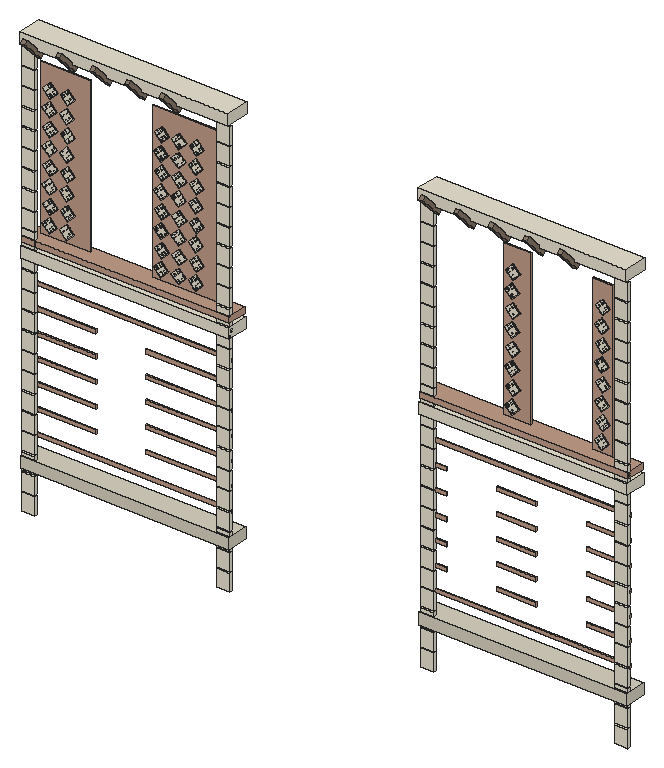
Revit family "AM_Detail_01_Masonry__observed_fronts", category Generic Models, Revit 2025
Family settings
  Can host rebar = No
  Round Connector Dimension = Use Diameter
  Part Type = Normal
  Work Plane-Based = No
  Always vertical = Yes
  Cut with Voids When Loaded = No
  Maintain Annotation Orientation = No
  Shared = No
  Room Calculation Point = No
Parameters (values of type "Original geometry")
  Description = "AM v1.0.0 architectural ornament. Editable native extrusion sketches; fixed photographic geometry. Not a structural wall/window/roof substitute."
  Default Elevation = 0 mm
Reference planes
  plane 1 "Center (Front/Back)": y = 0
  plane 2: z = 0
  plane 3 "Center (Left/Right)": x = 0
Forms (mm)
  Extrusion 1, solid, material "AM Warm limestone - fine pores"
    sketch origin (-7000, -6110, 1025) x (1, 0, 0) y (0, 1, 0)
      loop
        line (0, 0) -> (4800, 0) -> (4800, 500) -> (0, 500) -> (0, 0)
    from 0 to 250
  Extrusion 2, solid, material "AM Ivory carved stone"
    sketch origin (-7000, -6105, 5380) x (1, 0, 0) y (0, 1, 0)
      loop
        line (0, 0) -> (4800, 0) -> (4800, 490) -> (0, 490) -> (0, 0)
    from 0 to 240
  Extrusion 3, solid, material "AM Faded terracotta masonry"
    sketch origin (-7000, -6090, 5705) x (1, 0, 0) y (0, 1, 0)
      loop
        line (0, 0) -> (4800, 0) -> (4800, 460) -> (0, 460) -> (0, 0)
    from 0 to 130
  Extrusion 4, solid, material "AM Ivory carved stone"
    sketch origin (-7000, -6135, 9815) x (1, 0, 0) y (0, 1, 0)
      loop
        line (0, 0) -> (4800, 0) -> (4800, 550) -> (0, 550) -> (0, 0)
    from 0 to 250
  Extrusion 5, solid, material "AM Faded terracotta masonry"
    sketch origin (-7000, -6022, 1757.5) x (1, 0, 0) y (0, 1, 0)
      loop
        line (0, 0) -> (4800, 0) -> (4800, 20) -> (0, 20) -> (0, 0)
    from 0 to 85
  Extrusion 6, solid, material "AM Faded terracotta masonry"
    sketch origin (-7000, -6022, 2277.5) x (1, 0, 0) y (0, 1, 0)
      loop
        line (0, 0) -> (1670, 0) -> (1670, 20) -> (0, 20) -> (0, 0)
    from 0 to 85
  Extrusion 7, solid, material "AM Faded terracotta masonry"
    sketch origin (-4170, -6022, 2277.5) x (1, 0, 0) y (0, 1, 0)
      loop
        line (0, 0) -> (1970, 0) -> (1970, 20) -> (0, 20) -> (0, 0)
    from 0 to 85
  Extrusion 8, solid, material "AM Faded terracotta masonry"
    sketch origin (-7000, -6022, 2797.5) x (1, 0, 0) y (0, 1, 0)
      loop
        line (0, 0) -> (1670, 0) -> (1670, 20) -> (0, 20) -> (0, 0)
    from 0 to 85
  Extrusion 9, solid, material "AM Faded terracotta masonry"
    sketch origin (-4170, -6022, 2797.5) x (1, 0, 0) y (0, 1, 0)
      loop
        line (0, 0) -> (1970, 0) -> (1970, 20) -> (0, 20) -> (0, 0)
    from 0 to 85
  Extrusion 10, solid, material "AM Faded terracotta masonry"
    sketch origin (-7000, -6022, 3317.5) x (1, 0, 0) y (0, 1, 0)
      loop
        line (0, 0) -> (1670, 0) -> (1670, 20) -> (0, 20) -> (0, 0)
    from 0 to 85
  Extrusion 11, solid, material "AM Faded terracotta masonry"
    sketch origin (-4170, -6022, 3317.5) x (1, 0, 0) y (0, 1, 0)
      loop
        line (0, 0) -> (1970, 0) -> (1970, 20) -> (0, 20) -> (0, 0)
    from 0 to 85
  Extrusion 12, solid, material "AM Faded terracotta masonry"
    sketch origin (-7000, -6022, 3837.5) x (1, 0, 0) y (0, 1, 0)
      loop
        line (0, 0) -> (1670, 0) -> (1670, 20) -> (0, 20) -> (0, 0)
    from 0 to 85
  Extrusion 13, solid, material "AM Faded terracotta masonry"
    sketch origin (-4170, -6022, 3837.5) x (1, 0, 0) y (0, 1, 0)
      loop
        line (0, 0) -> (1970, 0) -> (1970, 20) -> (0, 20) -> (0, 0)
    from 0 to 85
  Extrusion 14, solid, material "AM Faded terracotta masonry"
    sketch origin (-7000, -6022, 4357.5) x (1, 0, 0) y (0, 1, 0)
      loop
        line (0, 0) -> (1670, 0) -> (1670, 20) -> (0, 20) -> (0, 0)
    from 0 to 85
  Extrusion 15, solid, material "AM Faded terracotta masonry"
    sketch origin (-4170, -6022, 4357.5) x (1, 0, 0) y (0, 1, 0)
      loop
        line (0, 0) -> (1970, 0) -> (1970, 20) -> (0, 20) -> (0, 0)
    from 0 to 85
  Extrusion 16, solid, material "AM Faded terracotta masonry"
    sketch origin (-7000, -6022, 4877.5) x (1, 0, 0) y (0, 1, 0)
      loop
        line (0, 0) -> (4800, 0) -> (4800, 20) -> (0, 20) -> (0, 0)
    from 0 to 85
  Extrusion 17, solid, material "AM Ivory carved stone"
    sketch origin (-7000, -6065, 125) x (1, 0, 0) y (0, 1, 0)
      loop
        line (0, 0) -> (300, 0) -> (300, 60) -> (0, 60) -> (0, 0)
    from 0 to 390
  Extrusion 18, solid, material "AM Ivory carved stone"
    sketch origin (-7000, -6065, 545) x (1, 0, 0) y (0, 1, 0)
      loop
        line (0, 0) -> (300, 0) -> (300, 60) -> (0, 60) -> (0, 0)
    from 0 to 390
  Extrusion 19, solid, material "AM Ivory carved stone"
    sketch origin (-7000, -6065, 965) x (1, 0, 0) y (0, 1, 0)
      loop
        line (0, 0) -> (300, 0) -> (300, 60) -> (0, 60) -> (0, 0)
    from 0 to 390
  Extrusion 20, solid, material "AM Ivory carved stone"
    sketch origin (-7000, -6065, 1385) x (1, 0, 0) y (0, 1, 0)
      loop
        line (0, 0) -> (300, 0) -> (300, 60) -> (0, 60) -> (0, 0)
    from 0 to 390
  Extrusion 21, solid, material "AM Ivory carved stone"
    sketch origin (-7000, -6065, 1805) x (1, 0, 0) y (0, 1, 0)
      loop
        line (0, 0) -> (300, 0) -> (300, 60) -> (0, 60) -> (0, 0)
    from 0 to 390
  Extrusion 22, solid, material "AM Ivory carved stone"
    sketch origin (-7000, -6065, 2225) x (1, 0, 0) y (0, 1, 0)
      loop
        line (0, 0) -> (300, 0) -> (300, 60) -> (0, 60) -> (0, 0)
    from 0 to 390
  Extrusion 23, solid, material "AM Ivory carved stone"
    sketch origin (-7000, -6065, 2645) x (1, 0, 0) y (0, 1, 0)
      loop
        line (0, 0) -> (300, 0) -> (300, 60) -> (0, 60) -> (0, 0)
    from 0 to 390
  Extrusion 24, solid, material "AM Ivory carved stone"
    sketch origin (-7000, -6065, 3065) x (1, 0, 0) y (0, 1, 0)
      loop
        line (0, 0) -> (300, 0) -> (300, 60) -> (0, 60) -> (0, 0)
    from 0 to 390
  Extrusion 25, solid, material "AM Ivory carved stone"
    sketch origin (-7000, -6065, 3485) x (1, 0, 0) y (0, 1, 0)
      loop
        line (0, 0) -> (300, 0) -> (300, 60) -> (0, 60) -> (0, 0)
    from 0 to 390
  Extrusion 26, solid, material "AM Ivory carved stone"
    sketch origin (-7000, -6065, 3905) x (1, 0, 0) y (0, 1, 0)
      loop
        line (0, 0) -> (300, 0) -> (300, 60) -> (0, 60) -> (0, 0)
    from 0 to 390
  Extrusion 27, solid, material "AM Ivory carved stone"
    sketch origin (-7000, -6065, 4325) x (1, 0, 0) y (0, 1, 0)
      loop
        line (0, 0) -> (300, 0) -> (300, 60) -> (0, 60) -> (0, 0)
    from 0 to 390
  Extrusion 28, solid, material "AM Ivory carved stone"
    sketch origin (-7000, -6065, 4745) x (1, 0, 0) y (0, 1, 0)
      loop
        line (0, 0) -> (300, 0) -> (300, 60) -> (0, 60) -> (0, 0)
    from 0 to 390
  Extrusion 29, solid, material "AM Ivory carved stone"
    sketch origin (-7000, -6065, 5165) x (1, 0, 0) y (0, 1, 0)
      loop
        line (0, 0) -> (300, 0) -> (300, 60) -> (0, 60) -> (0, 0)
    from 0 to 390
  Extrusion 30, solid, material "AM Ivory carved stone"
    sketch origin (-7000, -6065, 5585) x (1, 0, 0) y (0, 1, 0)
      loop
        line (0, 0) -> (300, 0) -> (300, 60) -> (0, 60) -> (0, 0)
    from 0 to 390
  Extrusion 31, solid, material "AM Ivory carved stone"
    sketch origin (-7000, -6065, 6005) x (1, 0, 0) y (0, 1, 0)
      loop
        line (0, 0) -> (300, 0) -> (300, 60) -> (0, 60) -> (0, 0)
    from 0 to 390
  Extrusion 32, solid, material "AM Ivory carved stone"
    sketch origin (-7000, -6065, 6425) x (1, 0, 0) y (0, 1, 0)
      loop
        line (0, 0) -> (300, 0) -> (300, 60) -> (0, 60) -> (0, 0)
    from 0 to 390
  Extrusion 33, solid, material "AM Ivory carved stone"
    sketch origin (-7000, -6065, 6845) x (1, 0, 0) y (0, 1, 0)
      loop
        line (0, 0) -> (300, 0) -> (300, 60) -> (0, 60) -> (0, 0)
    from 0 to 390
  Extrusion 34, solid, material "AM Ivory carved stone"
    sketch origin (-7000, -6065, 7265) x (1, 0, 0) y (0, 1, 0)
      loop
        line (0, 0) -> (300, 0) -> (300, 60) -> (0, 60) -> (0, 0)
    from 0 to 390
  Extrusion 35, solid, material "AM Ivory carved stone"
    sketch origin (-7000, -6065, 7685) x (1, 0, 0) y (0, 1, 0)
      loop
        line (0, 0) -> (300, 0) -> (300, 60) -> (0, 60) -> (0, 0)
    from 0 to 390
  Extrusion 36, solid, material "AM Ivory carved stone"
    sketch origin (-7000, -6065, 8105) x (1, 0, 0) y (0, 1, 0)
      loop
        line (0, 0) -> (300, 0) -> (300, 60) -> (0, 60) -> (0, 0)
    from 0 to 389.999
  Extrusion 37, solid, material "AM Ivory carved stone"
    sketch origin (-7000, -6065, 8525.001) x (1, 0, 0) y (0, 1, 0)
      loop
        line (0, 0) -> (300, 0) -> (300, 60) -> (0, 60) -> (0, 0)
    from 0 to 389.999
  Extrusion 38, solid, material "AM Ivory carved stone"
    sketch origin (-7000, -6065, 8945.001) x (1, 0, 0) y (0, 1, 0)
      loop
        line (0, 0) -> (300, 0) -> (300, 60) -> (0, 60) -> (0, 0)
    from 0 to 389.999
  Extrusion 39, solid, material "AM Ivory carved stone"
    sketch origin (-7000, -6065, 9365.001) x (1, 0, 0) y (0, 1, 0)
      loop
        line (0, 0) -> (300, 0) -> (300, 60) -> (0, 60) -> (0, 0)
    from 0 to 389.999
  Extrusion 40, solid, material "AM Ivory carved stone"
    sketch origin (-2500, -6065, 125) x (1, 0, 0) y (0, 1, 0)
      loop
        line (0, 0) -> (300, 0) -> (300, 60) -> (0, 60) -> (0, 0)
    from 0 to 390
  Extrusion 41, solid, material "AM Ivory carved stone"
    sketch origin (-2500, -6065, 545) x (1, 0, 0) y (0, 1, 0)
      loop
        line (0, 0) -> (300, 0) -> (300, 60) -> (0, 60) -> (0, 0)
    from 0 to 390
  Extrusion 42, solid, material "AM Ivory carved stone"
    sketch origin (-2500, -6065, 965) x (1, 0, 0) y (0, 1, 0)
      loop
        line (0, 0) -> (300, 0) -> (300, 60) -> (0, 60) -> (0, 0)
    from 0 to 390
  Extrusion 43, solid, material "AM Ivory carved stone"
    sketch origin (-2500, -6065, 1385) x (1, 0, 0) y (0, 1, 0)
      loop
        line (0, 0) -> (300, 0) -> (300, 60) -> (0, 60) -> (0, 0)
    from 0 to 390
  Extrusion 44, solid, material "AM Ivory carved stone"
    sketch origin (-2500, -6065, 1805) x (1, 0, 0) y (0, 1, 0)
      loop
        line (0, 0) -> (300, 0) -> (300, 60) -> (0, 60) -> (0, 0)
    from 0 to 390
  Extrusion 45, solid, material "AM Ivory carved stone"
    sketch origin (-2500, -6065, 2225) x (1, 0, 0) y (0, 1, 0)
      loop
        line (0, 0) -> (300, 0) -> (300, 60) -> (0, 60) -> (0, 0)
    from 0 to 390
  Extrusion 46, solid, material "AM Ivory carved stone"
    sketch origin (-2500, -6065, 2645) x (1, 0, 0) y (0, 1, 0)
      loop
        line (0, 0) -> (300, 0) -> (300, 60) -> (0, 60) -> (0, 0)
    from 0 to 390
  Extrusion 47, solid, material "AM Ivory carved stone"
    sketch origin (-2500, -6065, 3065) x (1, 0, 0) y (0, 1, 0)
      loop
        line (0, 0) -> (300, 0) -> (300, 60) -> (0, 60) -> (0, 0)
    from 0 to 390
  Extrusion 48, solid, material "AM Ivory carved stone"
    sketch origin (-2500, -6065, 3485) x (1, 0, 0) y (0, 1, 0)
      loop
        line (0, 0) -> (300, 0) -> (300, 60) -> (0, 60) -> (0, 0)
    from 0 to 390
  Extrusion 49, solid, material "AM Ivory carved stone"
    sketch origin (-2500, -6065, 3905) x (1, 0, 0) y (0, 1, 0)
      loop
        line (0, 0) -> (300, 0) -> (300, 60) -> (0, 60) -> (0, 0)
    from 0 to 390
  Extrusion 50, solid, material "AM Ivory carved stone"
    sketch origin (-2500, -6065, 4325) x (1, 0, 0) y (0, 1, 0)
      loop
        line (0, 0) -> (300, 0) -> (300, 60) -> (0, 60) -> (0, 0)
    from 0 to 390
  Extrusion 51, solid, material "AM Ivory carved stone"
    sketch origin (-2500, -6065, 4745) x (1, 0, 0) y (0, 1, 0)
      loop
        line (0, 0) -> (300, 0) -> (300, 60) -> (0, 60) -> (0, 0)
    from 0 to 390
  Extrusion 52, solid, material "AM Ivory carved stone"
    sketch origin (-2500, -6065, 5165) x (1, 0, 0) y (0, 1, 0)
      loop
        line (0, 0) -> (300, 0) -> (300, 60) -> (0, 60) -> (0, 0)
    from 0 to 390
  Extrusion 53, solid, material "AM Ivory carved stone"
    sketch origin (-2500, -6065, 5585) x (1, 0, 0) y (0, 1, 0)
      loop
        line (0, 0) -> (300, 0) -> (300, 60) -> (0, 60) -> (0, 0)
    from 0 to 390
  Extrusion 54, solid, material "AM Ivory carved stone"
    sketch origin (-2500, -6065, 6005) x (1, 0, 0) y (0, 1, 0)
      loop
        line (0, 0) -> (300, 0) -> (300, 60) -> (0, 60) -> (0, 0)
    from 0 to 390
  Extrusion 55, solid, material "AM Ivory carved stone"
    sketch origin (-2500, -6065, 6425) x (1, 0, 0) y (0, 1, 0)
      loop
        line (0, 0) -> (300, 0) -> (300, 60) -> (0, 60) -> (0, 0)
    from 0 to 390
  Extrusion 56, solid, material "AM Ivory carved stone"
    sketch origin (-2500, -6065, 6845) x (1, 0, 0) y (0, 1, 0)
      loop
        line (0, 0) -> (300, 0) -> (300, 60) -> (0, 60) -> (0, 0)
    from 0 to 390
  Extrusion 57, solid, material "AM Ivory carved stone"
    sketch origin (-2500, -6065, 7265) x (1, 0, 0) y (0, 1, 0)
      loop
        line (0, 0) -> (300, 0) -> (300, 60) -> (0, 60) -> (0, 0)
    from 0 to 390
  Extrusion 58, solid, material "AM Ivory carved stone"
    sketch origin (-2500, -6065, 7685) x (1, 0, 0) y (0, 1, 0)
      loop
        line (0, 0) -> (300, 0) -> (300, 60) -> (0, 60) -> (0, 0)
    from 0 to 390
  Extrusion 59, solid, material "AM Ivory carved stone"
    sketch origin (-2500, -6065, 8105) x (1, 0, 0) y (0, 1, 0)
      loop
        line (0, 0) -> (300, 0) -> (300, 60) -> (0, 60) -> (0, 0)
    from 0 to 389.999
  Extrusion 60, solid, material "AM Ivory carved stone"
    sketch origin (-2500, -6065, 8525.001) x (1, 0, 0) y (0, 1, 0)
      loop
        line (0, 0) -> (300, 0) -> (300, 60) -> (0, 60) -> (0, 0)
    from 0 to 389.999
  Extrusion 61, solid, material "AM Ivory carved stone"
    sketch origin (-2500, -6065, 8945.001) x (1, 0, 0) y (0, 1, 0)
      loop
        line (0, 0) -> (300, 0) -> (300, 60) -> (0, 60) -> (0, 0)
    from 0 to 389.999
  Extrusion 62, solid, material "AM Ivory carved stone"
    sketch origin (-2500, -6065, 9365.001) x (1, 0, 0) y (0, 1, 0)
      loop
        line (0, 0) -> (300, 0) -> (300, 60) -> (0, 60) -> (0, 0)
    from 0 to 389.999
  Extrusion 63, solid, material "AM Aged chestnut timber"
    sketch origin (-6697.5, -6034.653, 9607.513) x (1, 0, 0) y (0, 0.729542, 0.683936)
      loop
        line (0, 0) -> (95, 0) -> (95, 95) -> (0, 95) -> (0, 0)
    from 0 to 657.951
  Extrusion 64, solid, material "AM Aged chestnut timber"
    sketch origin (-5897.5, -6034.653, 9607.513) x (1, 0, 0) y (0, 0.729542, 0.683936)
      loop
        line (0, 0) -> (95, 0) -> (95, 95) -> (0, 95) -> (0, 0)
    from 0 to 657.951
  Extrusion 65, solid, material "AM Aged chestnut timber"
    sketch origin (-5097.5, -6034.653, 9607.513) x (1, 0, 0) y (0, 0.729542, 0.683936)
      loop
        line (0, 0) -> (95, 0) -> (95, 95) -> (0, 95) -> (0, 0)
    from 0 to 657.951
  Extrusion 66, solid, material "AM Aged chestnut timber"
    sketch origin (-4297.5, -6034.653, 9607.513) x (1, 0, 0) y (0, 0.729542, 0.683936)
      loop
        line (0, 0) -> (95, 0) -> (95, 95) -> (0, 95) -> (0, 0)
    from 0 to 657.951
  Extrusion 67, solid, material "AM Aged chestnut timber"
    sketch origin (-3497.5, -6034.653, 9607.513) x (1, 0, 0) y (0, 0.729542, 0.683936)
      loop
        line (0, 0) -> (95, 0) -> (95, 95) -> (0, 95) -> (0, 0)
    from 0 to 657.951
  Extrusion 68, solid, material "AM Warm limestone - fine pores"
    sketch origin (2200, -6110, 1025) x (1, 0, 0) y (0, 1, 0)
      loop
        line (0, 0) -> (4800, 0) -> (4800, 500) -> (0, 500) -> (0, 0)
    from 0 to 250
  Extrusion 69, solid, material "AM Ivory carved stone"
    sketch origin (2200, -6105, 5380) x (1, 0, 0) y (0, 1, 0)
      loop
        line (0, 0) -> (4800, 0) -> (4800, 490) -> (0, 490) -> (0, 0)
    from 0 to 240
  Extrusion 70, solid, material "AM Faded terracotta masonry"
    sketch origin (2200, -6090, 5705) x (1, 0, 0) y (0, 1, 0)
      loop
        line (0, 0) -> (4800, 0) -> (4800, 460) -> (0, 460) -> (0, 0)
    from 0 to 130
  Extrusion 71, solid, material "AM Ivory carved stone"
    sketch origin (2200, -6135, 9815) x (1, 0, 0) y (0, 1, 0)
      loop
        line (0, 0) -> (4800, 0) -> (4800, 550) -> (0, 550) -> (0, 0)
    from 0 to 250
  Extrusion 72, solid, material "AM Faded terracotta masonry"
    sketch origin (2200, -6022, 1757.5) x (1, 0, 0) y (0, 1, 0)
      loop
        line (0, 0) -> (4800, 0) -> (4800, 20) -> (0, 20) -> (0, 0)
    from 0 to 85
  Extrusion 73, solid, material "AM Faded terracotta masonry"
    sketch origin (2200, -6022, 2277.5) x (1, 0, 0) y (0, 1, 0)
      loop
        line (0, 0) -> (570, 0) -> (570, 20) -> (0, 20) -> (0, 0)
    from 0 to 85
  Extrusion 74, solid, material "AM Faded terracotta masonry"
    sketch origin (3930, -6022, 2277.5) x (1, 0, 0) y (0, 1, 0)
      loop
        line (0, 0) -> (910, 0) -> (910, 20) -> (0, 20) -> (0, 0)
    from 0 to 85
  Extrusion 75, solid, material "AM Faded terracotta masonry"
    sketch origin (6000, -6022, 2277.5) x (1, 0, 0) y (0, 1, 0)
      loop
        line (0, 0) -> (1000, 0) -> (1000, 20) -> (0, 20) -> (0, 0)
    from 0 to 85
  Extrusion 76, solid, material "AM Faded terracotta masonry"
    sketch origin (2200, -6022, 2797.5) x (1, 0, 0) y (0, 1, 0)
      loop
        line (0, 0) -> (570, 0) -> (570, 20) -> (0, 20) -> (0, 0)
    from 0 to 85
  Extrusion 77, solid, material "AM Faded terracotta masonry"
    sketch origin (3930, -6022, 2797.5) x (1, 0, 0) y (0, 1, 0)
      loop
        line (0, 0) -> (910, 0) -> (910, 20) -> (0, 20) -> (0, 0)
    from 0 to 85
  Extrusion 78, solid, material "AM Faded terracotta masonry"
    sketch origin (6000, -6022, 2797.5) x (1, 0, 0) y (0, 1, 0)
      loop
        line (0, 0) -> (1000, 0) -> (1000, 20) -> (0, 20) -> (0, 0)
    from 0 to 85
  Extrusion 79, solid, material "AM Faded terracotta masonry"
    sketch origin (2200, -6022, 3317.5) x (1, 0, 0) y (0, 1, 0)
      loop
        line (0, 0) -> (570, 0) -> (570, 20) -> (0, 20) -> (0, 0)
    from 0 to 85
  Extrusion 80, solid, material "AM Faded terracotta masonry"
    sketch origin (3930, -6022, 3317.5) x (1, 0, 0) y (0, 1, 0)
      loop
        line (0, 0) -> (910, 0) -> (910, 20) -> (0, 20) -> (0, 0)
    from 0 to 85
  Extrusion 81, solid, material "AM Faded terracotta masonry"
    sketch origin (6000, -6022, 3317.5) x (1, 0, 0) y (0, 1, 0)
      loop
        line (0, 0) -> (1000, 0) -> (1000, 20) -> (0, 20) -> (0, 0)
    from 0 to 85
  Extrusion 82, solid, material "AM Faded terracotta masonry"
    sketch origin (2200, -6022, 3837.5) x (1, 0, 0) y (0, 1, 0)
      loop
        line (0, 0) -> (570, 0) -> (570, 20) -> (0, 20) -> (0, 0)
    from 0 to 85
  Extrusion 83, solid, material "AM Faded terracotta masonry"
    sketch origin (3930, -6022, 3837.5) x (1, 0, 0) y (0, 1, 0)
      loop
        line (0, 0) -> (910, 0) -> (910, 20) -> (0, 20) -> (0, 0)
    from 0 to 85
  Extrusion 84, solid, material "AM Faded terracotta masonry"
    sketch origin (6000, -6022, 3837.5) x (1, 0, 0) y (0, 1, 0)
      loop
        line (0, 0) -> (1000, 0) -> (1000, 20) -> (0, 20) -> (0, 0)
    from 0 to 85
  Extrusion 85, solid, material "AM Faded terracotta masonry"
    sketch origin (2200, -6022, 4357.5) x (1, 0, 0) y (0, 1, 0)
      loop
        line (0, 0) -> (570, 0) -> (570, 20) -> (0, 20) -> (0, 0)
    from 0 to 85
  Extrusion 86, solid, material "AM Faded terracotta masonry"
    sketch origin (3930, -6022, 4357.5) x (1, 0, 0) y (0, 1, 0)
      loop
        line (0, 0) -> (910, 0) -> (910, 20) -> (0, 20) -> (0, 0)
    from 0 to 85
  Extrusion 87, solid, material "AM Faded terracotta masonry"
    sketch origin (6000, -6022, 4357.5) x (1, 0, 0) y (0, 1, 0)
      loop
        line (0, 0) -> (1000, 0) -> (1000, 20) -> (0, 20) -> (0, 0)
    from 0 to 85
  Extrusion 88, solid, material "AM Faded terracotta masonry"
    sketch origin (2200, -6022, 4877.5) x (1, 0, 0) y (0, 1, 0)
      loop
        line (0, 0) -> (4800, 0) -> (4800, 20) -> (0, 20) -> (0, 0)
    from 0 to 85
  Extrusion 89, solid, material "AM Ivory carved stone"
    sketch origin (2200, -6065, 125) x (1, 0, 0) y (0, 1, 0)
      loop
        line (0, 0) -> (300, 0) -> (300, 60) -> (0, 60) -> (0, 0)
    from 0 to 390
  Extrusion 90, solid, material "AM Ivory carved stone"
    sketch origin (2200, -6065, 545) x (1, 0, 0) y (0, 1, 0)
      loop
        line (0, 0) -> (300, 0) -> (300, 60) -> (0, 60) -> (0, 0)
    from 0 to 390
  Extrusion 91, solid, material "AM Ivory carved stone"
    sketch origin (2200, -6065, 965) x (1, 0, 0) y (0, 1, 0)
      loop
        line (0, 0) -> (300, 0) -> (300, 60) -> (0, 60) -> (0, 0)
    from 0 to 390
  Extrusion 92, solid, material "AM Ivory carved stone"
    sketch origin (2200, -6065, 1385) x (1, 0, 0) y (0, 1, 0)
      loop
        line (0, 0) -> (300, 0) -> (300, 60) -> (0, 60) -> (0, 0)
    from 0 to 390
  Extrusion 93, solid, material "AM Ivory carved stone"
    sketch origin (2200, -6065, 1805) x (1, 0, 0) y (0, 1, 0)
      loop
        line (0, 0) -> (300, 0) -> (300, 60) -> (0, 60) -> (0, 0)
    from 0 to 390
  Extrusion 94, solid, material "AM Ivory carved stone"
    sketch origin (2200, -6065, 2225) x (1, 0, 0) y (0, 1, 0)
      loop
        line (0, 0) -> (300, 0) -> (300, 60) -> (0, 60) -> (0, 0)
    from 0 to 390
  Extrusion 95, solid, material "AM Ivory carved stone"
    sketch origin (2200, -6065, 2645) x (1, 0, 0) y (0, 1, 0)
      loop
        line (0, 0) -> (300, 0) -> (300, 60) -> (0, 60) -> (0, 0)
    from 0 to 390
  Extrusion 96, solid, material "AM Ivory carved stone"
    sketch origin (2200, -6065, 3065) x (1, 0, 0) y (0, 1, 0)
      loop
        line (0, 0) -> (300, 0) -> (300, 60) -> (0, 60) -> (0, 0)
    from 0 to 390
  Extrusion 97, solid, material "AM Ivory carved stone"
    sketch origin (2200, -6065, 3485) x (1, 0, 0) y (0, 1, 0)
      loop
        line (0, 0) -> (300, 0) -> (300, 60) -> (0, 60) -> (0, 0)
    from 0 to 390
  Extrusion 98, solid, material "AM Ivory carved stone"
    sketch origin (2200, -6065, 3905) x (1, 0, 0) y (0, 1, 0)
      loop
        line (0, 0) -> (300, 0) -> (300, 60) -> (0, 60) -> (0, 0)
    from 0 to 390
  Extrusion 99, solid, material "AM Ivory carved stone"
    sketch origin (2200, -6065, 4325) x (1, 0, 0) y (0, 1, 0)
      loop
        line (0, 0) -> (300, 0) -> (300, 60) -> (0, 60) -> (0, 0)
    from 0 to 390
  Extrusion 100, solid, material "AM Ivory carved stone"
    sketch origin (2200, -6065, 4745) x (1, 0, 0) y (0, 1, 0)
      loop
        line (0, 0) -> (300, 0) -> (300, 60) -> (0, 60) -> (0, 0)
    from 0 to 390
  Extrusion 101, solid, material "AM Ivory carved stone"
    sketch origin (2200, -6065, 5165) x (1, 0, 0) y (0, 1, 0)
      loop
        line (0, 0) -> (300, 0) -> (300, 60) -> (0, 60) -> (0, 0)
    from 0 to 390
  Extrusion 102, solid, material "AM Ivory carved stone"
    sketch origin (2200, -6065, 5585) x (1, 0, 0) y (0, 1, 0)
      loop
        line (0, 0) -> (300, 0) -> (300, 60) -> (0, 60) -> (0, 0)
    from 0 to 390
  Extrusion 103, solid, material "AM Ivory carved stone"
    sketch origin (2200, -6065, 6005) x (1, 0, 0) y (0, 1, 0)
      loop
        line (0, 0) -> (300, 0) -> (300, 60) -> (0, 60) -> (0, 0)
    from 0 to 390
  Extrusion 104, solid, material "AM Ivory carved stone"
    sketch origin (2200, -6065, 6425) x (1, 0, 0) y (0, 1, 0)
      loop
        line (0, 0) -> (300, 0) -> (300, 60) -> (0, 60) -> (0, 0)
    from 0 to 390
  Extrusion 105, solid, material "AM Ivory carved stone"
    sketch origin (2200, -6065, 6845) x (1, 0, 0) y (0, 1, 0)
      loop
        line (0, 0) -> (300, 0) -> (300, 60) -> (0, 60) -> (0, 0)
    from 0 to 390
  Extrusion 106, solid, material "AM Ivory carved stone"
    sketch origin (2200, -6065, 7265) x (1, 0, 0) y (0, 1, 0)
      loop
        line (0, 0) -> (300, 0) -> (300, 60) -> (0, 60) -> (0, 0)
    from 0 to 390
  Extrusion 107, solid, material "AM Ivory carved stone"
    sketch origin (2200, -6065, 7685) x (1, 0, 0) y (0, 1, 0)
      loop
        line (0, 0) -> (300, 0) -> (300, 60) -> (0, 60) -> (0, 0)
    from 0 to 390
  Extrusion 108, solid, material "AM Ivory carved stone"
    sketch origin (2200, -6065, 8105) x (1, 0, 0) y (0, 1, 0)
      loop
        line (0, 0) -> (300, 0) -> (300, 60) -> (0, 60) -> (0, 0)
    from 0 to 389.999
  Extrusion 109, solid, material "AM Ivory carved stone"
    sketch origin (2200, -6065, 8525.001) x (1, 0, 0) y (0, 1, 0)
      loop
        line (0, 0) -> (300, 0) -> (300, 60) -> (0, 60) -> (0, 0)
    from 0 to 389.999
  Extrusion 110, solid, material "AM Ivory carved stone"
    sketch origin (2200, -6065, 8945.001) x (1, 0, 0) y (0, 1, 0)
      loop
        line (0, 0) -> (300, 0) -> (300, 60) -> (0, 60) -> (0, 0)
    from 0 to 389.999
  Extrusion 111, solid, material "AM Ivory carved stone"
    sketch origin (2200, -6065, 9365.001) x (1, 0, 0) y (0, 1, 0)
      loop
        line (0, 0) -> (300, 0) -> (300, 60) -> (0, 60) -> (0, 0)
    from 0 to 389.999
  Extrusion 112, solid, material "AM Ivory carved stone"
    sketch origin (6700, -6065, 125) x (1, 0, 0) y (0, 1, 0)
      loop
        line (0, 0) -> (300, 0) -> (300, 60) -> (0, 60) -> (0, 0)
    from 0 to 390
  Extrusion 113, solid, material "AM Ivory carved stone"
    sketch origin (6700, -6065, 545) x (1, 0, 0) y (0, 1, 0)
      loop
        line (0, 0) -> (300, 0) -> (300, 60) -> (0, 60) -> (0, 0)
    from 0 to 390
  Extrusion 114, solid, material "AM Ivory carved stone"
    sketch origin (6700, -6065, 965) x (1, 0, 0) y (0, 1, 0)
      loop
        line (0, 0) -> (300, 0) -> (300, 60) -> (0, 60) -> (0, 0)
    from 0 to 390
  Extrusion 115, solid, material "AM Ivory carved stone"
    sketch origin (6700, -6065, 1385) x (1, 0, 0) y (0, 1, 0)
      loop
        line (0, 0) -> (300, 0) -> (300, 60) -> (0, 60) -> (0, 0)
    from 0 to 390
  Extrusion 116, solid, material "AM Ivory carved stone"
    sketch origin (6700, -6065, 1805) x (1, 0, 0) y (0, 1, 0)
      loop
        line (0, 0) -> (300, 0) -> (300, 60) -> (0, 60) -> (0, 0)
    from 0 to 390
  Extrusion 117, solid, material "AM Ivory carved stone"
    sketch origin (6700, -6065, 2225) x (1, 0, 0) y (0, 1, 0)
      loop
        line (0, 0) -> (300, 0) -> (300, 60) -> (0, 60) -> (0, 0)
    from 0 to 390
  Extrusion 118, solid, material "AM Ivory carved stone"
    sketch origin (6700, -6065, 2645) x (1, 0, 0) y (0, 1, 0)
      loop
        line (0, 0) -> (300, 0) -> (300, 60) -> (0, 60) -> (0, 0)
    from 0 to 390
  Extrusion 119, solid, material "AM Ivory carved stone"
    sketch origin (6700, -6065, 3065) x (1, 0, 0) y (0, 1, 0)
      loop
        line (0, 0) -> (300, 0) -> (300, 60) -> (0, 60) -> (0, 0)
    from 0 to 390
  Extrusion 120, solid, material "AM Ivory carved stone"
    sketch origin (6700, -6065, 3485) x (1, 0, 0) y (0, 1, 0)
      loop
        line (0, 0) -> (300, 0) -> (300, 60) -> (0, 60) -> (0, 0)
    from 0 to 390
  Extrusion 121, solid, material "AM Ivory carved stone"
    sketch origin (6700, -6065, 3905) x (1, 0, 0) y (0, 1, 0)
      loop
        line (0, 0) -> (300, 0) -> (300, 60) -> (0, 60) -> (0, 0)
    from 0 to 390
  Extrusion 122, solid, material "AM Ivory carved stone"
    sketch origin (6700, -6065, 4325) x (1, 0, 0) y (0, 1, 0)
      loop
        line (0, 0) -> (300, 0) -> (300, 60) -> (0, 60) -> (0, 0)
    from 0 to 390
  Extrusion 123, solid, material "AM Ivory carved stone"
    sketch origin (6700, -6065, 4745) x (1, 0, 0) y (0, 1, 0)
      loop
        line (0, 0) -> (300, 0) -> (300, 60) -> (0, 60) -> (0, 0)
    from 0 to 390
  Extrusion 124, solid, material "AM Ivory carved stone"
    sketch origin (6700, -6065, 5165) x (1, 0, 0) y (0, 1, 0)
      loop
        line (0, 0) -> (300, 0) -> (300, 60) -> (0, 60) -> (0, 0)
    from 0 to 390
  Extrusion 125, solid, material "AM Ivory carved stone"
    sketch origin (6700, -6065, 5585) x (1, 0, 0) y (0, 1, 0)
      loop
        line (0, 0) -> (300, 0) -> (300, 60) -> (0, 60) -> (0, 0)
    from 0 to 390
  Extrusion 126, solid, material "AM Ivory carved stone"
    sketch origin (6700, -6065, 6005) x (1, 0, 0) y (0, 1, 0)
      loop
        line (0, 0) -> (300, 0) -> (300, 60) -> (0, 60) -> (0, 0)
    from 0 to 390
  Extrusion 127, solid, material "AM Ivory carved stone"
    sketch origin (6700, -6065, 6425) x (1, 0, 0) y (0, 1, 0)
      loop
        line (0, 0) -> (300, 0) -> (300, 60) -> (0, 60) -> (0, 0)
    from 0 to 390
  Extrusion 128, solid, material "AM Ivory carved stone"
    sketch origin (6700, -6065, 6845) x (1, 0, 0) y (0, 1, 0)
      loop
        line (0, 0) -> (300, 0) -> (300, 60) -> (0, 60) -> (0, 0)
    from 0 to 390
  Extrusion 129, solid, material "AM Ivory carved stone"
    sketch origin (6700, -6065, 7265) x (1, 0, 0) y (0, 1, 0)
      loop
        line (0, 0) -> (300, 0) -> (300, 60) -> (0, 60) -> (0, 0)
    from 0 to 390
  Extrusion 130, solid, material "AM Ivory carved stone"
    sketch origin (6700, -6065, 7685) x (1, 0, 0) y (0, 1, 0)
      loop
        line (0, 0) -> (300, 0) -> (300, 60) -> (0, 60) -> (0, 0)
    from 0 to 390
  Extrusion 131, solid, material "AM Ivory carved stone"
    sketch origin (6700, -6065, 8105) x (1, 0, 0) y (0, 1, 0)
      loop
        line (0, 0) -> (300, 0) -> (300, 60) -> (0, 60) -> (0, 0)
    from 0 to 389.999
  Extrusion 132, solid, material "AM Ivory carved stone"
    sketch origin (6700, -6065, 8525.001) x (1, 0, 0) y (0, 1, 0)
      loop
        line (0, 0) -> (300, 0) -> (300, 60) -> (0, 60) -> (0, 0)
    from 0 to 389.999
  Extrusion 133, solid, material "AM Ivory carved stone"
    sketch origin (6700, -6065, 8945.001) x (1, 0, 0) y (0, 1, 0)
      loop
        line (0, 0) -> (300, 0) -> (300, 60) -> (0, 60) -> (0, 0)
    from 0 to 389.999
  Extrusion 134, solid, material "AM Ivory carved stone"
    sketch origin (6700, -6065, 9365.001) x (1, 0, 0) y (0, 1, 0)
      loop
        line (0, 0) -> (300, 0) -> (300, 60) -> (0, 60) -> (0, 0)
    from 0 to 389.999
  Extrusion 135, solid, material "AM Aged chestnut timber"
    sketch origin (2502.5, -6034.653, 9607.513) x (1, 0, 0) y (0, 0.729542, 0.683936)
      loop
        line (0, 0) -> (95, 0) -> (95, 95) -> (0, 95) -> (0, 0)
    from 0 to 657.951
  Extrusion 136, solid, material "AM Aged chestnut timber"
    sketch origin (3302.5, -6034.653, 9607.513) x (1, 0, 0) y (0, 0.729542, 0.683936)
      loop
        line (0, 0) -> (95, 0) -> (95, 95) -> (0, 95) -> (0, 0)
    from 0 to 657.951
  Extrusion 137, solid, material "AM Aged chestnut timber"
    sketch origin (4102.5, -6034.653, 9607.513) x (1, 0, 0) y (0, 0.729542, 0.683936)
      loop
        line (0, 0) -> (95, 0) -> (95, 95) -> (0, 95) -> (0, 0)
    from 0 to 657.951
  Extrusion 138, solid, material "AM Aged chestnut timber"
    sketch origin (4902.5, -6034.653, 9607.513) x (1, 0, 0) y (0, 0.729542, 0.683936)
      loop
        line (0, 0) -> (95, 0) -> (95, 95) -> (0, 95) -> (0, 0)
    from 0 to 657.951
  Extrusion 139, solid, material "AM Aged chestnut timber"
    sketch origin (5702.5, -6034.653, 9607.513) x (1, 0, 0) y (0, 0.729542, 0.683936)
      loop
        line (0, 0) -> (95, 0) -> (95, 95) -> (0, 95) -> (0, 0)
    from 0 to 657.951
  Extrusion 140, solid, material "AM Faded terracotta masonry"
    sketch origin (-6600, -6022.5, 6000) x (1, 0, 0) y (0, 1, 0)
      loop
        line (0, 0) -> (1140, 0) -> (1140, 25) -> (0, 25) -> (0, 0)
    from 0 to 3550
  Extrusion 141, solid, material "AM Ivory carved stone"
    sketch origin (-6400, -6031, 6385) x (0, 0, 1) y (1, 0, 0)
      loop
        line (0, 0) -> (-165, 165) -> (-330, 0) -> (-165, -165) -> (0, 0)
    from 0 to 9
  Extrusion 142, solid, material "AM Ivory carved stone"
    sketch origin (-6510, -6031, 6275) x (0, 0, 1) y (1, 0, 0)
      loop
        line (0, 0) -> (-55, 55) -> (-110, 0) -> (-55, -55) -> (0, 0)
    from 0 to 9
  Extrusion 143, solid, material "AM Ivory carved stone"
    sketch origin (-6290, -6031, 6275) x (0, 0, 1) y (1, 0, 0)
      loop
        line (0, 0) -> (-55, 55) -> (-110, 0) -> (-55, -55) -> (0, 0)
    from 0 to 9
  Extrusion 144, solid, material "AM Ivory carved stone"
    sketch origin (-6400, -6031, 6165) x (0, 0, 1) y (1, 0, 0)
      loop
        line (0, 0) -> (-55, 55) -> (-110, 0) -> (-55, -55) -> (0, 0)
    from 0 to 9
  Extrusion 145, solid, material "AM Ivory carved stone"
    sketch origin (-6400, -6031, 6385) x (0, 0, 1) y (1, 0, 0)
      loop
        line (0, 0) -> (-55, 55) -> (-110, 0) -> (-55, -55) -> (0, 0)
    from 0 to 9
  Extrusion 146, solid, material "AM Ivory carved stone"
    sketch origin (-6000, -6031, 6385) x (0, 0, 1) y (1, 0, 0)
      loop
        line (0, 0) -> (-165, 165) -> (-330, 0) -> (-165, -165) -> (0, 0)
    from 0 to 9
  Extrusion 147, solid, material "AM Ivory carved stone"
    sketch origin (-6110, -6031, 6275) x (0, 0, 1) y (1, 0, 0)
      loop
        line (0, 0) -> (-55, 55) -> (-110, 0) -> (-55, -55) -> (0, 0)
    from 0 to 9
  Extrusion 148, solid, material "AM Ivory carved stone"
    sketch origin (-5890, -6031, 6275) x (0, 0, 1) y (1, 0, 0)
      loop
        line (0, 0) -> (-55, 55) -> (-110, 0) -> (-55, -55) -> (0, 0)
    from 0 to 9
  Extrusion 149, solid, material "AM Ivory carved stone"
    sketch origin (-6000, -6031, 6165) x (0, 0, 1) y (1, 0, 0)
      loop
        line (0, 0) -> (-55, 55) -> (-110, 0) -> (-55, -55) -> (0, 0)
    from 0 to 9
  Extrusion 150, solid, material "AM Ivory carved stone"
    sketch origin (-6000, -6031, 6385) x (0, 0, 1) y (1, 0, 0)
      loop
        line (0, 0) -> (-55, 55) -> (-110, 0) -> (-55, -55) -> (0, 0)
    from 0 to 9
  Extrusion 151, solid, material "AM Ivory carved stone"
    sketch origin (-6380, -6031, 6785) x (0, 0, 1) y (1, 0, 0)
      loop
        line (0, 0) -> (-165, 165) -> (-330, 0) -> (-165, -165) -> (0, 0)
    from 0 to 9
  Extrusion 152, solid, material "AM Ivory carved stone"
    sketch origin (-6490, -6031, 6675) x (0, 0, 1) y (1, 0, 0)
      loop
        line (0, 0) -> (-55, 55) -> (-110, 0) -> (-55, -55) -> (0, 0)
    from 0 to 9
  Extrusion 153, solid, material "AM Ivory carved stone"
    sketch origin (-6270, -6031, 6675) x (0, 0, 1) y (1, 0, 0)
      loop
        line (0, 0) -> (-55, 55) -> (-110, 0) -> (-55, -55) -> (0, 0)
    from 0 to 9
  Extrusion 154, solid, material "AM Ivory carved stone"
    sketch origin (-6380, -6031, 6565) x (0, 0, 1) y (1, 0, 0)
      loop
        line (0, 0) -> (-55, 55) -> (-110, 0) -> (-55, -55) -> (0, 0)
    from 0 to 9
  Extrusion 155, solid, material "AM Ivory carved stone"
    sketch origin (-6380, -6031, 6785) x (0, 0, 1) y (1, 0, 0)
      loop
        line (0, 0) -> (-55, 55) -> (-110, 0) -> (-55, -55) -> (0, 0)
    from 0 to 9
  Extrusion 156, solid, material "AM Ivory carved stone"
    sketch origin (-5980, -6031, 6785) x (0, 0, 1) y (1, 0, 0)
      loop
        line (0, 0) -> (-165, 165) -> (-330, 0) -> (-165, -165) -> (0, 0)
    from 0 to 9
  Extrusion 157, solid, material "AM Ivory carved stone"
    sketch origin (-6090, -6031, 6675) x (0, 0, 1) y (1, 0, 0)
      loop
        line (0, 0) -> (-55, 55) -> (-110, 0) -> (-55, -55) -> (0, 0)
    from 0 to 9
  Extrusion 158, solid, material "AM Ivory carved stone"
    sketch origin (-5870, -6031, 6675) x (0, 0, 1) y (1, 0, 0)
      loop
        line (0, 0) -> (-55, 55) -> (-110, 0) -> (-55, -55) -> (0, 0)
    from 0 to 9
  Extrusion 159, solid, material "AM Ivory carved stone"
    sketch origin (-5980, -6031, 6565) x (0, 0, 1) y (1, 0, 0)
      loop
        line (0, 0) -> (-55, 55) -> (-110, 0) -> (-55, -55) -> (0, 0)
    from 0 to 9
  Extrusion 160, solid, material "AM Ivory carved stone"
    sketch origin (-5980, -6031, 6785) x (0, 0, 1) y (1, 0, 0)
      loop
        line (0, 0) -> (-55, 55) -> (-110, 0) -> (-55, -55) -> (0, 0)
    from 0 to 9
  Extrusion 161, solid, material "AM Ivory carved stone"
    sketch origin (-6400, -6031, 7185) x (0, 0, 1) y (1, 0, 0)
      loop
        line (0, 0) -> (-165, 165) -> (-330, 0) -> (-165, -165) -> (0, 0)
    from 0 to 9
  Extrusion 162, solid, material "AM Ivory carved stone"
    sketch origin (-6510, -6031, 7075) x (0, 0, 1) y (1, 0, 0)
      loop
        line (0, 0) -> (-55, 55) -> (-110, 0) -> (-55, -55) -> (0, 0)
    from 0 to 9
  Extrusion 163, solid, material "AM Ivory carved stone"
    sketch origin (-6290, -6031, 7075) x (0, 0, 1) y (1, 0, 0)
      loop
        line (0, 0) -> (-55, 55) -> (-110, 0) -> (-55, -55) -> (0, 0)
    from 0 to 9
  Extrusion 164, solid, material "AM Ivory carved stone"
    sketch origin (-6400, -6031, 6965) x (0, 0, 1) y (1, 0, 0)
      loop
        line (0, 0) -> (-55, 55) -> (-110, 0) -> (-55, -55) -> (0, 0)
    from 0 to 9
  Extrusion 165, solid, material "AM Ivory carved stone"
    sketch origin (-6400, -6031, 7185) x (0, 0, 1) y (1, 0, 0)
      loop
        line (0, 0) -> (-55, 55) -> (-110, 0) -> (-55, -55) -> (0, 0)
    from 0 to 9
  Extrusion 166, solid, material "AM Ivory carved stone"
    sketch origin (-6000, -6031, 7185) x (0, 0, 1) y (1, 0, 0)
      loop
        line (0, 0) -> (-165, 165) -> (-330, 0) -> (-165, -165) -> (0, 0)
    from 0 to 9
  Extrusion 167, solid, material "AM Ivory carved stone"
    sketch origin (-6110, -6031, 7075) x (0, 0, 1) y (1, 0, 0)
      loop
        line (0, 0) -> (-55, 55) -> (-110, 0) -> (-55, -55) -> (0, 0)
    from 0 to 9
  Extrusion 168, solid, material "AM Ivory carved stone"
    sketch origin (-5890, -6031, 7075) x (0, 0, 1) y (1, 0, 0)
      loop
        line (0, 0) -> (-55, 55) -> (-110, 0) -> (-55, -55) -> (0, 0)
    from 0 to 9
  Extrusion 169, solid, material "AM Ivory carved stone"
    sketch origin (-6000, -6031, 6965) x (0, 0, 1) y (1, 0, 0)
      loop
        line (0, 0) -> (-55, 55) -> (-110, 0) -> (-55, -55) -> (0, 0)
    from 0 to 9
  Extrusion 170, solid, material "AM Ivory carved stone"
    sketch origin (-6000, -6031, 7185) x (0, 0, 1) y (1, 0, 0)
      loop
        line (0, 0) -> (-55, 55) -> (-110, 0) -> (-55, -55) -> (0, 0)
    from 0 to 9
  Extrusion 171, solid, material "AM Ivory carved stone"
    sketch origin (-6380, -6031, 7585) x (0, 0, 1) y (1, 0, 0)
      loop
        line (0, 0) -> (-165, 165) -> (-330, 0) -> (-165, -165) -> (0, 0)
    from 0 to 9
  Extrusion 172, solid, material "AM Ivory carved stone"
    sketch origin (-6490, -6031, 7475) x (0, 0, 1) y (1, 0, 0)
      loop
        line (0, 0) -> (-55, 55) -> (-110, 0) -> (-55, -55) -> (0, 0)
    from 0 to 9
  Extrusion 173, solid, material "AM Ivory carved stone"
    sketch origin (-6270, -6031, 7475) x (0, 0, 1) y (1, 0, 0)
      loop
        line (0, 0) -> (-55, 55) -> (-110, 0) -> (-55, -55) -> (0, 0)
    from 0 to 9
  Extrusion 174, solid, material "AM Ivory carved stone"
    sketch origin (-6380, -6031, 7365) x (0, 0, 1) y (1, 0, 0)
      loop
        line (0, 0) -> (-55, 55) -> (-110, 0) -> (-55, -55) -> (0, 0)
    from 0 to 9
  Extrusion 175, solid, material "AM Ivory carved stone"
    sketch origin (-6380, -6031, 7585) x (0, 0, 1) y (1, 0, 0)
      loop
        line (0, 0) -> (-55, 55) -> (-110, 0) -> (-55, -55) -> (0, 0)
    from 0 to 9
  Extrusion 176, solid, material "AM Ivory carved stone"
    sketch origin (-5980, -6031, 7585) x (0, 0, 1) y (1, 0, 0)
      loop
        line (0, 0) -> (-165, 165) -> (-330, 0) -> (-165, -165) -> (0, 0)
    from 0 to 9
  Extrusion 177, solid, material "AM Ivory carved stone"
    sketch origin (-6090, -6031, 7475) x (0, 0, 1) y (1, 0, 0)
      loop
        line (0, 0) -> (-55, 55) -> (-110, 0) -> (-55, -55) -> (0, 0)
    from 0 to 9
  Extrusion 178, solid, material "AM Ivory carved stone"
    sketch origin (-5870, -6031, 7475) x (0, 0, 1) y (1, 0, 0)
      loop
        line (0, 0) -> (-55, 55) -> (-110, 0) -> (-55, -55) -> (0, 0)
    from 0 to 9
  Extrusion 179, solid, material "AM Ivory carved stone"
    sketch origin (-5980, -6031, 7365) x (0, 0, 1) y (1, 0, 0)
      loop
        line (0, 0) -> (-55, 55) -> (-110, 0) -> (-55, -55) -> (0, 0)
    from 0 to 9
  Extrusion 180, solid, material "AM Ivory carved stone"
    sketch origin (-5980, -6031, 7585) x (0, 0, 1) y (1, 0, 0)
      loop
        line (0, 0) -> (-55, 55) -> (-110, 0) -> (-55, -55) -> (0, 0)
    from 0 to 9
  Extrusion 181, solid, material "AM Ivory carved stone"
    sketch origin (-6400, -6031, 7985) x (0, 0, 1) y (1, 0, 0)
      loop
        line (0, 0) -> (-165, 165) -> (-330, 0) -> (-165, -165) -> (0, 0)
    from 0 to 9
  Extrusion 182, solid, material "AM Ivory carved stone"
    sketch origin (-6510, -6031, 7875) x (0, 0, 1) y (1, 0, 0)
      loop
        line (0, 0) -> (-55, 55) -> (-110, 0) -> (-55, -55) -> (0, 0)
    from 0 to 9
  Extrusion 183, solid, material "AM Ivory carved stone"
    sketch origin (-6290, -6031, 7875) x (0, 0, 1) y (1, 0, 0)
      loop
        line (0, 0) -> (-55, 55) -> (-110, 0) -> (-55, -55) -> (0, 0)
    from 0 to 9
  Extrusion 184, solid, material "AM Ivory carved stone"
    sketch origin (-6400, -6031, 7765) x (0, 0, 1) y (1, 0, 0)
      loop
        line (0, 0) -> (-55, 55) -> (-110, 0) -> (-55, -55) -> (0, 0)
    from 0 to 9
  Extrusion 185, solid, material "AM Ivory carved stone"
    sketch origin (-6400, -6031, 7985) x (0, 0, 1) y (1, 0, 0)
      loop
        line (0, 0) -> (-55, 55) -> (-110, 0) -> (-55, -55) -> (0, 0)
    from 0 to 9
  Extrusion 186, solid, material "AM Ivory carved stone"
    sketch origin (-6000, -6031, 7985) x (0, 0, 1) y (1, 0, 0)
      loop
        line (0, 0) -> (-165, 165) -> (-330, 0) -> (-165, -165) -> (0, 0)
    from 0 to 9
  Extrusion 187, solid, material "AM Ivory carved stone"
    sketch origin (-6110, -6031, 7875) x (0, 0, 1) y (1, 0, 0)
      loop
        line (0, 0) -> (-55, 55) -> (-110, 0) -> (-55, -55) -> (0, 0)
    from 0 to 9
  Extrusion 188, solid, material "AM Ivory carved stone"
    sketch origin (-5890, -6031, 7875) x (0, 0, 1) y (1, 0, 0)
      loop
        line (0, 0) -> (-55, 55) -> (-110, 0) -> (-55, -55) -> (0, 0)
    from 0 to 9
  Extrusion 189, solid, material "AM Ivory carved stone"
    sketch origin (-6000, -6031, 7765) x (0, 0, 1) y (1, 0, 0)
      loop
        line (0, 0) -> (-55, 55) -> (-110, 0) -> (-55, -55) -> (0, 0)
    from 0 to 9
  Extrusion 190, solid, material "AM Ivory carved stone"
    sketch origin (-6000, -6031, 7985) x (0, 0, 1) y (1, 0, 0)
      loop
        line (0, 0) -> (-55, 55) -> (-110, 0) -> (-55, -55) -> (0, 0)
    from 0 to 9
  Extrusion 191, solid, material "AM Ivory carved stone"
    sketch origin (-6380, -6031, 8385) x (0, 0, 1) y (1, 0, 0)
      loop
        line (0, 0) -> (-165, 165) -> (-330, 0) -> (-165, -165) -> (0, 0)
    from 0 to 9
  Extrusion 192, solid, material "AM Ivory carved stone"
    sketch origin (-6490, -6031, 8275) x (0, 0, 1) y (1, 0, 0)
      loop
        line (0, 0) -> (-54.999, 55) -> (-110, 0) -> (-54.999, -55) -> (0, 0)
    from 0 to 9
  Extrusion 193, solid, material "AM Ivory carved stone"
    sketch origin (-6270, -6031, 8275) x (0, 0, 1) y (1, 0, 0)
      loop
        line (0, 0) -> (-54.999, 55) -> (-110, 0) -> (-54.999, -55) -> (0, 0)
    from 0 to 9
  Extrusion 194, solid, material "AM Ivory carved stone"
    sketch origin (-6380, -6031, 8165) x (0, 0, 1) y (1, 0, 0)
      loop
        line (0, 0) -> (-55, 55) -> (-110, 0) -> (-55, -55) -> (0, 0)
    from 0 to 9
  Extrusion 195, solid, material "AM Ivory carved stone"
    sketch origin (-6380, -6031, 8385) x (0, 0, 1) y (1, 0, 0)
      loop
        line (0, 0) -> (-55, 55) -> (-110.001, 0) -> (-55, -55) -> (0, 0)
    from 0 to 9
  Extrusion 196, solid, material "AM Ivory carved stone"
    sketch origin (-5980, -6031, 8385) x (0, 0, 1) y (1, 0, 0)
      loop
        line (0, 0) -> (-165, 165) -> (-330, 0) -> (-165, -165) -> (0, 0)
    from 0 to 9
  Extrusion 197, solid, material "AM Ivory carved stone"
    sketch origin (-6090, -6031, 8275) x (0, 0, 1) y (1, 0, 0)
      loop
        line (0, 0) -> (-54.999, 55) -> (-110, 0) -> (-54.999, -55) -> (0, 0)
    from 0 to 9
  Extrusion 198, solid, material "AM Ivory carved stone"
    sketch origin (-5870, -6031, 8275) x (0, 0, 1) y (1, 0, 0)
      loop
        line (0, 0) -> (-54.999, 55) -> (-110, 0) -> (-54.999, -55) -> (0, 0)
    from 0 to 9
  Extrusion 199, solid, material "AM Ivory carved stone"
    sketch origin (-5980, -6031, 8165) x (0, 0, 1) y (1, 0, 0)
      loop
        line (0, 0) -> (-55, 55) -> (-110, 0) -> (-55, -55) -> (0, 0)
    from 0 to 9
  Extrusion 200, solid, material "AM Ivory carved stone"
    sketch origin (-5980, -6031, 8385) x (0, 0, 1) y (1, 0, 0)
      loop
        line (0, 0) -> (-55, 55) -> (-110.001, 0) -> (-55, -55) -> (0, 0)
    from 0 to 9
  Extrusion 201, solid, material "AM Ivory carved stone"
    sketch origin (-6400, -6031, 8785) x (0, 0, 1) y (1, 0, 0)
      loop
        line (0, 0) -> (-165, 165) -> (-330, 0) -> (-165, -165) -> (0, 0)
    from 0 to 9
  Extrusion 202, solid, material "AM Ivory carved stone"
    sketch origin (-6510, -6031, 8675) x (0, 0, 1) y (1, 0, 0)
      loop
        line (0, 0) -> (-55, 55) -> (-110.001, 0) -> (-55, -55) -> (0, 0)
    from 0 to 9
  Extrusion 203, solid, material "AM Ivory carved stone"
    sketch origin (-6290, -6031, 8675) x (0, 0, 1) y (1, 0, 0)
      loop
        line (0, 0) -> (-55, 55) -> (-110.001, 0) -> (-55, -55) -> (0, 0)
    from 0 to 9
  Extrusion 204, solid, material "AM Ivory carved stone"
    sketch origin (-6400, -6031, 8565) x (0, 0, 1) y (1, 0, 0)
      loop
        line (0, 0) -> (-54.999, 55) -> (-110, 0) -> (-54.999, -55) -> (0, 0)
    from 0 to 9
  Extrusion 205, solid, material "AM Ivory carved stone"
    sketch origin (-6400, -6031, 8785) x (0, 0, 1) y (1, 0, 0)
      loop
        line (0, 0) -> (-55, 55) -> (-110, 0) -> (-55, -55) -> (0, 0)
    from 0 to 9
  Extrusion 206, solid, material "AM Ivory carved stone"
    sketch origin (-6000, -6031, 8785) x (0, 0, 1) y (1, 0, 0)
      loop
        line (0, 0) -> (-165, 165) -> (-330, 0) -> (-165, -165) -> (0, 0)
    from 0 to 9
  Extrusion 207, solid, material "AM Ivory carved stone"
    sketch origin (-6110, -6031, 8675) x (0, 0, 1) y (1, 0, 0)
      loop
        line (0, 0) -> (-55, 55) -> (-110.001, 0) -> (-55, -55) -> (0, 0)
    from 0 to 9
  Extrusion 208, solid, material "AM Ivory carved stone"
    sketch origin (-5890, -6031, 8675) x (0, 0, 1) y (1, 0, 0)
      loop
        line (0, 0) -> (-55, 55) -> (-110.001, 0) -> (-55, -55) -> (0, 0)
    from 0 to 9
  Extrusion 209, solid, material "AM Ivory carved stone"
    sketch origin (-6000, -6031, 8565) x (0, 0, 1) y (1, 0, 0)
      loop
        line (0, 0) -> (-54.999, 55) -> (-110, 0) -> (-54.999, -55) -> (0, 0)
    from 0 to 9
  Extrusion 210, solid, material "AM Ivory carved stone"
    sketch origin (-6000, -6031, 8785) x (0, 0, 1) y (1, 0, 0)
      loop
        line (0, 0) -> (-55, 55) -> (-110, 0) -> (-55, -55) -> (0, 0)
    from 0 to 9
  Extrusion 211, solid, material "AM Ivory carved stone"
    sketch origin (-6380, -6031, 9185) x (0, 0, 1) y (1, 0, 0)
      loop
        line (0, 0) -> (-165, 165) -> (-330.001, 0) -> (-165, -165) -> (0, 0)
    from 0 to 9
  Extrusion 212, solid, material "AM Ivory carved stone"
    sketch origin (-6490, -6031, 9075) x (0, 0, 1) y (1, 0, 0)
      loop
        line (0, 0) -> (-54.999, 55) -> (-110, 0) -> (-54.999, -55) -> (0, 0)
    from 0 to 9
  Extrusion 213, solid, material "AM Ivory carved stone"
    sketch origin (-6270, -6031, 9075) x (0, 0, 1) y (1, 0, 0)
      loop
        line (0, 0) -> (-54.999, 55) -> (-110, 0) -> (-54.999, -55) -> (0, 0)
    from 0 to 9
  Extrusion 214, solid, material "AM Ivory carved stone"
    sketch origin (-6380, -6031, 8965) x (0, 0, 1) y (1, 0, 0)
      loop
        line (0, 0) -> (-55, 55) -> (-110.001, 0) -> (-55, -55) -> (0, 0)
    from 0 to 9
  Extrusion 215, solid, material "AM Ivory carved stone"
    sketch origin (-6380, -6031, 9185) x (0, 0, 1) y (1, 0, 0)
      loop
        line (0, 0) -> (-55, 55) -> (-110.001, 0) -> (-55, -55) -> (0, 0)
    from 0 to 9
  Extrusion 216, solid, material "AM Ivory carved stone"
    sketch origin (-5980, -6031, 9185) x (0, 0, 1) y (1, 0, 0)
      loop
        line (0, 0) -> (-165, 165) -> (-330.001, 0) -> (-165, -165) -> (0, 0)
    from 0 to 9
  Extrusion 217, solid, material "AM Ivory carved stone"
    sketch origin (-6090, -6031, 9075) x (0, 0, 1) y (1, 0, 0)
      loop
        line (0, 0) -> (-54.999, 55) -> (-110, 0) -> (-54.999, -55) -> (0, 0)
    from 0 to 9
  Extrusion 218, solid, material "AM Ivory carved stone"
    sketch origin (-5870, -6031, 9075) x (0, 0, 1) y (1, 0, 0)
      loop
        line (0, 0) -> (-54.999, 55) -> (-110, 0) -> (-54.999, -55) -> (0, 0)
    from 0 to 9
  Extrusion 219, solid, material "AM Ivory carved stone"
    sketch origin (-5980, -6031, 8965) x (0, 0, 1) y (1, 0, 0)
      loop
        line (0, 0) -> (-55, 55) -> (-110.001, 0) -> (-55, -55) -> (0, 0)
    from 0 to 9
  Extrusion 220, solid, material "AM Ivory carved stone"
    sketch origin (-5980, -6031, 9185) x (0, 0, 1) y (1, 0, 0)
      loop
        line (0, 0) -> (-55, 55) -> (-110.001, 0) -> (-55, -55) -> (0, 0)
    from 0 to 9
  Extrusion 221, solid, material "AM Faded terracotta masonry"
    sketch origin (-4020, -6022.5, 6000) x (1, 0, 0) y (0, 1, 0)
      loop
        line (0, 0) -> (1500, 0) -> (1500, 25) -> (0, 25) -> (0, 0)
    from 0 to 3550
  Extrusion 222, solid, material "AM Ivory carved stone"
    sketch origin (-3820, -6031, 6385) x (0, 0, 1) y (1, 0, 0)
      loop
        line (0, 0) -> (-165, 165) -> (-330, 0) -> (-165, -165) -> (0, 0)
    from 0 to 9
  Extrusion 223, solid, material "AM Ivory carved stone"
    sketch origin (-3930, -6031, 6275) x (0, 0, 1) y (1, 0, 0)
      loop
        line (0, 0) -> (-55, 55) -> (-110, 0) -> (-55, -55) -> (0, 0)
    from 0 to 9
  Extrusion 224, solid, material "AM Ivory carved stone"
    sketch origin (-3710, -6031, 6275) x (0, 0, 1) y (1, 0, 0)
      loop
        line (0, 0) -> (-55, 55) -> (-110, 0) -> (-55, -55) -> (0, 0)
    from 0 to 9
  Extrusion 225, solid, material "AM Ivory carved stone"
    sketch origin (-3820, -6031, 6165) x (0, 0, 1) y (1, 0, 0)
      loop
        line (0, 0) -> (-55, 55) -> (-110, 0) -> (-55, -55) -> (0, 0)
    from 0 to 9
  Extrusion 226, solid, material "AM Ivory carved stone"
    sketch origin (-3820, -6031, 6385) x (0, 0, 1) y (1, 0, 0)
      loop
        line (0, 0) -> (-55, 55) -> (-110, 0) -> (-55, -55) -> (0, 0)
    from 0 to 9
  Extrusion 227, solid, material "AM Ivory carved stone"
    sketch origin (-3420, -6031, 6385) x (0, 0, 1) y (1, 0, 0)
      loop
        line (0, 0) -> (-165, 165) -> (-330, 0) -> (-165, -165) -> (0, 0)
    from 0 to 9
  Extrusion 228, solid, material "AM Ivory carved stone"
    sketch origin (-3530, -6031, 6275) x (0, 0, 1) y (1, 0, 0)
      loop
        line (0, 0) -> (-55, 55) -> (-110, 0) -> (-55, -55) -> (0, 0)
    from 0 to 9
  Extrusion 229, solid, material "AM Ivory carved stone"
    sketch origin (-3310, -6031, 6275) x (0, 0, 1) y (1, 0, 0)
      loop
        line (0, 0) -> (-55, 55) -> (-110, 0) -> (-55, -55) -> (0, 0)
    from 0 to 9
  Extrusion 230, solid, material "AM Ivory carved stone"
    sketch origin (-3420, -6031, 6165) x (0, 0, 1) y (1, 0, 0)
      loop
        line (0, 0) -> (-55, 55) -> (-110, 0) -> (-55, -55) -> (0, 0)
    from 0 to 9
  Extrusion 231, solid, material "AM Ivory carved stone"
    sketch origin (-3420, -6031, 6385) x (0, 0, 1) y (1, 0, 0)
      loop
        line (0, 0) -> (-55, 55) -> (-110, 0) -> (-55, -55) -> (0, 0)
    from 0 to 9
  Extrusion 232, solid, material "AM Ivory carved stone"
    sketch origin (-3020, -6031, 6385) x (0, 0, 1) y (1, 0, 0)
      loop
        line (0, 0) -> (-165, 165) -> (-330, 0) -> (-165, -165) -> (0, 0)
    from 0 to 9
  Extrusion 233, solid, material "AM Ivory carved stone"
    sketch origin (-3130, -6031, 6275) x (0, 0, 1) y (1, 0, 0)
      loop
        line (0, 0) -> (-55, 55) -> (-110, 0) -> (-55, -55) -> (0, 0)
    from 0 to 9
  Extrusion 234, solid, material "AM Ivory carved stone"
    sketch origin (-2910, -6031, 6275) x (0, 0, 1) y (1, 0, 0)
      loop
        line (0, 0) -> (-55, 55) -> (-110, 0) -> (-55, -55) -> (0, 0)
    from 0 to 9
  Extrusion 235, solid, material "AM Ivory carved stone"
    sketch origin (-3020, -6031, 6165) x (0, 0, 1) y (1, 0, 0)
      loop
        line (0, 0) -> (-55, 55) -> (-110, 0) -> (-55, -55) -> (0, 0)
    from 0 to 9
  Extrusion 236, solid, material "AM Ivory carved stone"
    sketch origin (-3020, -6031, 6385) x (0, 0, 1) y (1, 0, 0)
      loop
        line (0, 0) -> (-55, 55) -> (-110, 0) -> (-55, -55) -> (0, 0)
    from 0 to 9
  Extrusion 237, solid, material "AM Ivory carved stone"
    sketch origin (-3800, -6031, 6785) x (0, 0, 1) y (1, 0, 0)
      loop
        line (0, 0) -> (-165, 165) -> (-330, 0) -> (-165, -165) -> (0, 0)
    from 0 to 9
  Extrusion 238, solid, material "AM Ivory carved stone"
    sketch origin (-3910, -6031, 6675) x (0, 0, 1) y (1, 0, 0)
      loop
        line (0, 0) -> (-55, 55) -> (-110, 0) -> (-55, -55) -> (0, 0)
    from 0 to 9
  Extrusion 239, solid, material "AM Ivory carved stone"
    sketch origin (-3690, -6031, 6675) x (0, 0, 1) y (1, 0, 0)
      loop
        line (0, 0) -> (-55, 55) -> (-110, 0) -> (-55, -55) -> (0, 0)
    from 0 to 9
  Extrusion 240, solid, material "AM Ivory carved stone"
    sketch origin (-3800, -6031, 6565) x (0, 0, 1) y (1, 0, 0)
      loop
        line (0, 0) -> (-55, 55) -> (-110, 0) -> (-55, -55) -> (0, 0)
    from 0 to 9
  Extrusion 241, solid, material "AM Ivory carved stone"
    sketch origin (-3800, -6031, 6785) x (0, 0, 1) y (1, 0, 0)
      loop
        line (0, 0) -> (-55, 55) -> (-110, 0) -> (-55, -55) -> (0, 0)
    from 0 to 9
  Extrusion 242, solid, material "AM Ivory carved stone"
    sketch origin (-3400, -6031, 6785) x (0, 0, 1) y (1, 0, 0)
      loop
        line (0, 0) -> (-165, 165) -> (-330, 0) -> (-165, -165) -> (0, 0)
    from 0 to 9
